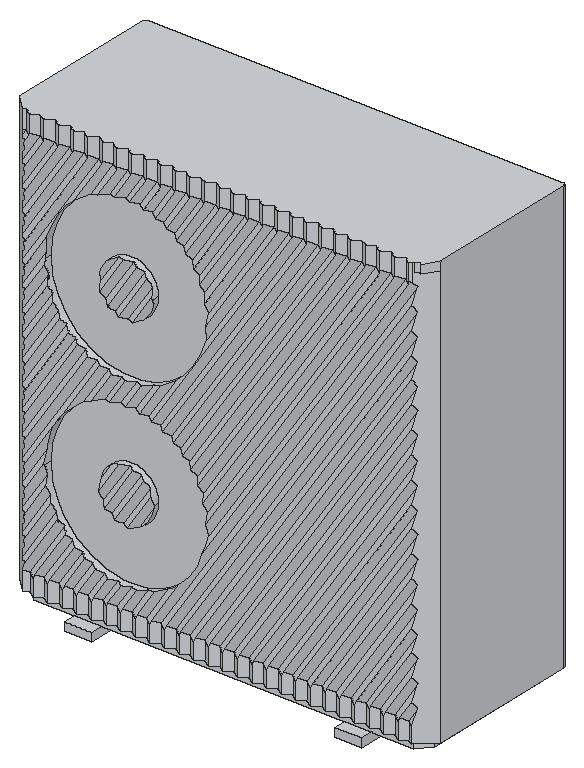
Revit family "HPR17HT", category Mechanical Equipment, Revit 2021
Family settings
  Round Connector Dimension = Use Diameter
  Part Type = Normal
  OmniClass Number = 23.75.00.00
  OmniClass Title = Climate Control (HVAC)
  Work Plane-Based = No
  Always vertical = Yes
  Cut with Voids When Loaded = No
  Shared = No
  Room Calculation Point = No
Parameters
  Width = 515.0 mm
  Water Flow Rate [instance] = 2.9 m³/h
  Refrigerant = "R290"
  Pump Pressure = 73.55 Pa
  Overall Height = 1329.0 mm
  Overal Width = 540.0 mm
  Min Heating Capacity = 8.00 kW
  Maximum Current Input = 32 A
  Max Power Input = 6.9 W
  Max Output Temperature = 75 °C
  Max Heating Capacity = 22.00 kW
  Length = 1247.0 mm
  Default Elevation = 0.0 mm
  Connection Size = 25 mm
  COP 65-55ºC @ 7ºC = 2.25
  COP 65-55ºC @ 2ºC = 1.96
  COP 35-30ºC @ 7ºC = 4.37
  COP 35-30ºC @ 2ºC = 4.07
  Base = 800.0 mm
Reference planes
  plane 1 "Center (Front/Back)": y = 0
  plane 2: z = 0
  plane 3 "Center (Left/Right)": x = 0
  plane 4 "BACK": y = 257.5
  plane 5 "front": y = -257.5
  plane 6 "LEFT": x = -623.5
  plane 7: x = 623.5
  plane 8 "TOP": z = 1329
  plane 9: y = 270
  plane 10: y = -270
  plane 11: x = 400
  plane 12: x = -400
Forms (mm)
  Extrusion 1, solid
    sketch origin (0, 0, 0) x (1, 0, 0) y (0, 1, 0)
      loop
        arc (-613.5, 257.5) -> (-620.571, 254.571) -> (-623.5, 247.5) r 10
        line (-623.5, 247.5) -> (-623.5, -207.5) -> (-573.5, -257.5) -> (573.5, -257.5) -> (623.5, -207.5) -> (623.5, 247.5)
        arc (623.5, 247.5) -> (620.571, 254.571) -> (613.5, 257.5) r 10
        line (613.5, 257.5) -> (-613.5, 257.5)
      loop
        line (-598.5, 232.5) -> (-598.5, -197.145) -> (-563.145, -232.5) -> (563.145, -232.5) -> (598.5, -197.145) -> (598.5, 232.5) -> (-598.5, 232.5)
    from 50 to 1329 <- "Overall Height"
  Sweep 2, void
    path origin (-952.628, -257.5, 0) x (-1, 0, 0) y (0, 0, 1)
      loop
        line (-613.5, 1329) -> (-613.5, 1279) -> (154.5, 110) -> (154.5, 50)
    profile "Family2 : Family2" origin (-339.128, -257.5, 1304) x (-1, 0, 0) y (0, 1, 0)
      loop
        line (0, 0) -> (-21.651, 12.5) -> (-43.301, 0) -> (-43.301, -5) -> (0, -5) -> (0, 0)
  Sweep 3, void
    path origin (-995.929, -257.5, 0) x (-1, 0, 0) y (0, 0, 1)
      loop
        line (-613.5, 1329) -> (-613.5, 1279) -> (154.5, 110) -> (154.5, 50)
    profile "Family2 : Family2" origin (-382.429, -257.5, 1304) x (-1, 0, 0) y (0, 1, 0)
      loop
        line (0, 0) -> (-21.651, 12.5) -> (-43.301, 0) -> (-43.301, -5) -> (0, -5) -> (0, 0)
  Sweep 4, void
    path origin (-1039.23, -257.5, 0) x (-1, 0, 0) y (0, 0, 1)
      loop
        line (-613.5, 1329) -> (-613.5, 1279) -> (154.5, 110) -> (154.5, 50)
    profile "Family2 : Family2" origin (-425.73, -257.5, 1304) x (-1, 0, 0) y (0, 1, 0)
      loop
        line (0, 0) -> (-21.651, 12.5) -> (-43.301, 0) -> (-43.301, -5) -> (0, -5) -> (0, 0)
  Sweep 5, void
    path origin (-1082.532, -257.5, 0) x (-1, 0, 0) y (0, 0, 1)
      loop
        line (-613.5, 1329) -> (-613.5, 1279) -> (154.5, 110) -> (154.5, 50)
    profile "Family2 : Family2" origin (-469.032, -257.5, 1304) x (-1, 0, 0) y (0, 1, 0)
      loop
        line (0, 0) -> (-21.651, 12.5) -> (-43.301, 0) -> (-43.301, -5) -> (0, -5) -> (0, 0)
  Sweep 6, void
    path origin (-1125.833, -257.5, 0) x (-1, 0, 0) y (0, 0, 1)
      loop
        line (-613.5, 1329) -> (-613.5, 1279) -> (154.5, 110) -> (154.5, 50)
    profile "Family2 : Family2" origin (-512.333, -257.5, 1304) x (-1, 0, 0) y (0, 1, 0)
      loop
        line (0, 0) -> (-21.651, 12.5) -> (-43.301, 0) -> (-43.301, -5) -> (0, -5) -> (0, 0)
  Sweep 7, void
    path origin (-1169.134, -257.5, 0) x (-1, 0, 0) y (0, 0, 1)
      loop
        line (-613.5, 1329) -> (-613.5, 1279) -> (154.5, 110) -> (154.5, 50)
    profile "Family2 : Family2" origin (-555.634, -257.5, 1304) x (-1, 0, 0) y (0, 1, 0)
      loop
        line (0, 0) -> (-21.651, 12.5) -> (-43.301, 0) -> (-43.301, -5) -> (0, -5) -> (0, 0)
  Sweep 8, void
    path origin (-1212.436, -257.5, 0) x (-1, 0, 0) y (0, 0, 1)
      loop
        line (-613.5, 1329) -> (-613.5, 1279) -> (154.5, 110) -> (154.5, 50)
    profile "Family2 : Family2" origin (-598.936, -257.5, 1304) x (-1, 0, 0) y (0, 1, 0)
      loop
        line (0, 0) -> (-21.651, 12.5) -> (-43.301, 0) -> (-43.301, -5) -> (0, -5) -> (0, 0)
  Extrusion 9, void
    sketch origin (-623.5, 0, -25) x (0, 1, 0) y (0, 0, 1)
      loop
        line (210.645, 1265.841) -> (189.432, 1287.054)
        arc (189.432, 1287.054) -> (171.754, 1287.054) -> (171.754, 1269.376) r 12.5
        line (171.754, 1269.376) -> (192.967, 1248.163)
        arc (192.967, 1248.163) -> (210.645, 1248.163) -> (210.645, 1265.841) r 12.5
      loop
        line (150.645, 1265.841) -> (129.432, 1287.054)
        arc (129.432, 1287.054) -> (111.754, 1287.054) -> (111.754, 1269.376) r 12.5
        line (111.754, 1269.376) -> (132.967, 1248.163)
        arc (132.967, 1248.163) -> (150.645, 1248.163) -> (150.645, 1265.841) r 12.5
      loop
        line (90.645, 1265.841) -> (69.432, 1287.054)
        arc (69.432, 1287.054) -> (51.754, 1287.054) -> (51.754, 1269.376) r 12.5
        line (51.754, 1269.376) -> (72.967, 1248.163)
        arc (72.967, 1248.163) -> (90.645, 1248.163) -> (90.645, 1265.841) r 12.5
      loop
        line (30.645, 1265.841) -> (9.432, 1287.054)
        arc (9.432, 1287.054) -> (-8.246, 1287.054) -> (-8.246, 1269.376) r 12.5
        line (-8.246, 1269.376) -> (12.967, 1248.163)
        arc (12.967, 1248.163) -> (30.645, 1248.163) -> (30.645, 1265.841) r 12.5
      loop
        line (-29.355, 1265.841) -> (-50.568, 1287.054)
        arc (-50.568, 1287.054) -> (-68.246, 1287.054) -> (-68.246, 1269.376) r 12.5
        line (-68.246, 1269.376) -> (-47.033, 1248.163)
        arc (-47.033, 1248.163) -> (-29.355, 1248.163) -> (-29.355, 1265.841) r 12.5
      loop
        line (-89.355, 1265.841) -> (-110.568, 1287.054)
        arc (-110.568, 1287.054) -> (-128.246, 1287.054) -> (-128.246, 1269.376) r 12.5
        line (-128.246, 1269.376) -> (-107.033, 1248.163)
        arc (-107.033, 1248.163) -> (-89.355, 1248.163) -> (-89.355, 1265.841) r 12.5
      loop
        line (-149.355, 1265.841) -> (-170.568, 1287.054)
        arc (-170.568, 1287.054) -> (-188.246, 1287.054) -> (-188.246, 1269.376) r 12.5
        line (-188.246, 1269.376) -> (-167.033, 1248.163)
        arc (-167.033, 1248.163) -> (-149.355, 1248.163) -> (-149.355, 1265.841) r 12.5
      loop
        line (210.645, 1208.341) -> (189.432, 1229.554)
        arc (189.432, 1229.554) -> (171.754, 1229.554) -> (171.754, 1211.876) r 12.5
        line (171.754, 1211.876) -> (192.967, 1190.663)
        arc (192.967, 1190.663) -> (210.645, 1190.663) -> (210.645, 1208.341) r 12.5
      loop
        line (150.645, 1208.341) -> (129.432, 1229.554)
        arc (129.432, 1229.554) -> (111.754, 1229.554) -> (111.754, 1211.876) r 12.5
        line (111.754, 1211.876) -> (132.967, 1190.663)
        arc (132.967, 1190.663) -> (150.645, 1190.663) -> (150.645, 1208.341) r 12.5
      loop
        line (90.645, 1208.341) -> (69.432, 1229.554)
        arc (69.432, 1229.554) -> (51.754, 1229.554) -> (51.754, 1211.876) r 12.5
        line (51.754, 1211.876) -> (72.967, 1190.663)
        arc (72.967, 1190.663) -> (90.645, 1190.663) -> (90.645, 1208.341) r 12.5
      loop
        line (30.645, 1208.341) -> (9.432, 1229.554)
        arc (9.432, 1229.554) -> (-8.246, 1229.554) -> (-8.246, 1211.876) r 12.5
        line (-8.246, 1211.876) -> (12.967, 1190.663)
        arc (12.967, 1190.663) -> (30.645, 1190.663) -> (30.645, 1208.341) r 12.5
      loop
        line (-29.355, 1208.341) -> (-50.568, 1229.554)
        arc (-50.568, 1229.554) -> (-68.246, 1229.554) -> (-68.246, 1211.876) r 12.5
        line (-68.246, 1211.876) -> (-47.033, 1190.663)
        arc (-47.033, 1190.663) -> (-29.355, 1190.663) -> (-29.355, 1208.341) r 12.5
      loop
        line (-89.355, 1208.341) -> (-110.568, 1229.554)
        arc (-110.568, 1229.554) -> (-128.246, 1229.554) -> (-128.246, 1211.876) r 12.5
        line (-128.246, 1211.876) -> (-107.033, 1190.663)
        arc (-107.033, 1190.663) -> (-89.355, 1190.663) -> (-89.355, 1208.341) r 12.5
      loop
        line (-149.355, 1208.341) -> (-170.568, 1229.554)
        arc (-170.568, 1229.554) -> (-188.246, 1229.554) -> (-188.246, 1211.876) r 12.5
        line (-188.246, 1211.876) -> (-167.033, 1190.663)
        arc (-167.033, 1190.663) -> (-149.355, 1190.663) -> (-149.355, 1208.341) r 12.5
      loop
        line (210.645, 1150.841) -> (189.432, 1172.054)
        arc (189.432, 1172.054) -> (171.754, 1172.054) -> (171.754, 1154.376) r 12.5
        line (171.754, 1154.376) -> (192.967, 1133.163)
        arc (192.967, 1133.163) -> (210.645, 1133.163) -> (210.645, 1150.841) r 12.5
      loop
        line (150.645, 1150.841) -> (129.432, 1172.054)
        arc (129.432, 1172.054) -> (111.754, 1172.054) -> (111.754, 1154.376) r 12.5
        line (111.754, 1154.376) -> (132.967, 1133.163)
        arc (132.967, 1133.163) -> (150.645, 1133.163) -> (150.645, 1150.841) r 12.5
      loop
        line (90.645, 1150.841) -> (69.432, 1172.054)
        arc (69.432, 1172.054) -> (51.754, 1172.054) -> (51.754, 1154.376) r 12.5
        line (51.754, 1154.376) -> (72.967, 1133.163)
        arc (72.967, 1133.163) -> (90.645, 1133.163) -> (90.645, 1150.841) r 12.5
      loop
        line (30.645, 1150.841) -> (9.432, 1172.054)
        arc (9.432, 1172.054) -> (-8.246, 1172.054) -> (-8.246, 1154.376) r 12.5
        line (-8.246, 1154.376) -> (12.967, 1133.163)
        arc (12.967, 1133.163) -> (30.645, 1133.163) -> (30.645, 1150.841) r 12.5
      loop
        line (-29.355, 1150.841) -> (-50.568, 1172.054)
        arc (-50.568, 1172.054) -> (-68.246, 1172.054) -> (-68.246, 1154.376) r 12.5
        line (-68.246, 1154.376) -> (-47.033, 1133.163)
        arc (-47.033, 1133.163) -> (-29.355, 1133.163) -> (-29.355, 1150.841) r 12.5
      loop
        line (-89.355, 1150.841) -> (-110.568, 1172.054)
        arc (-110.568, 1172.054) -> (-128.246, 1172.054) -> (-128.246, 1154.376) r 12.5
        line (-128.246, 1154.376) -> (-107.033, 1133.163)
        arc (-107.033, 1133.163) -> (-89.355, 1133.163) -> (-89.355, 1150.841) r 12.5
      loop
        line (-149.355, 1150.841) -> (-170.568, 1172.054)
        arc (-170.568, 1172.054) -> (-188.246, 1172.054) -> (-188.246, 1154.376) r 12.5
        line (-188.246, 1154.376) -> (-167.033, 1133.163)
        arc (-167.033, 1133.163) -> (-149.355, 1133.163) -> (-149.355, 1150.841) r 12.5
      loop
        line (210.645, 1093.341) -> (189.432, 1114.554)
        arc (189.432, 1114.554) -> (171.754, 1114.554) -> (171.754, 1096.876) r 12.5
        line (171.754, 1096.876) -> (192.967, 1075.663)
        arc (192.967, 1075.663) -> (210.645, 1075.663) -> (210.645, 1093.341) r 12.5
      loop
        line (150.645, 1093.341) -> (129.432, 1114.554)
        arc (129.432, 1114.554) -> (111.754, 1114.554) -> (111.754, 1096.876) r 12.5
        line (111.754, 1096.876) -> (132.967, 1075.663)
        arc (132.967, 1075.663) -> (150.645, 1075.663) -> (150.645, 1093.341) r 12.5
      loop
        line (90.645, 1093.341) -> (69.432, 1114.554)
        arc (69.432, 1114.554) -> (51.754, 1114.554) -> (51.754, 1096.876) r 12.5
        line (51.754, 1096.876) -> (72.967, 1075.663)
        arc (72.967, 1075.663) -> (90.645, 1075.663) -> (90.645, 1093.341) r 12.5
      loop
        line (30.645, 1093.341) -> (9.432, 1114.554)
        arc (9.432, 1114.554) -> (-8.246, 1114.554) -> (-8.246, 1096.876) r 12.5
        line (-8.246, 1096.876) -> (12.967, 1075.663)
        arc (12.967, 1075.663) -> (30.645, 1075.663) -> (30.645, 1093.341) r 12.5
      loop
        line (-29.355, 1093.341) -> (-50.568, 1114.554)
        arc (-50.568, 1114.554) -> (-68.246, 1114.554) -> (-68.246, 1096.876) r 12.5
        line (-68.246, 1096.876) -> (-47.033, 1075.663)
        arc (-47.033, 1075.663) -> (-29.355, 1075.663) -> (-29.355, 1093.341) r 12.5
      loop
        line (-89.355, 1093.341) -> (-110.568, 1114.554)
        arc (-110.568, 1114.554) -> (-128.246, 1114.554) -> (-128.246, 1096.876) r 12.5
        line (-128.246, 1096.876) -> (-107.033, 1075.663)
        arc (-107.033, 1075.663) -> (-89.355, 1075.663) -> (-89.355, 1093.341) r 12.5
      loop
        line (-149.355, 1093.341) -> (-170.568, 1114.554)
        arc (-170.568, 1114.554) -> (-188.246, 1114.554) -> (-188.246, 1096.876) r 12.5
        line (-188.246, 1096.876) -> (-167.033, 1075.663)
        arc (-167.033, 1075.663) -> (-149.355, 1075.663) -> (-149.355, 1093.341) r 12.5
      loop
        line (210.645, 1035.841) -> (189.432, 1057.054)
        arc (189.432, 1057.054) -> (171.754, 1057.054) -> (171.754, 1039.376) r 12.5
        line (171.754, 1039.376) -> (192.967, 1018.163)
        arc (192.967, 1018.163) -> (210.645, 1018.163) -> (210.645, 1035.841) r 12.5
      loop
        line (150.645, 1035.841) -> (129.432, 1057.054)
        arc (129.432, 1057.054) -> (111.754, 1057.054) -> (111.754, 1039.376) r 12.5
        line (111.754, 1039.376) -> (132.967, 1018.163)
        arc (132.967, 1018.163) -> (150.645, 1018.163) -> (150.645, 1035.841) r 12.5
      loop
        line (90.645, 1035.841) -> (69.432, 1057.054)
        arc (69.432, 1057.054) -> (51.754, 1057.054) -> (51.754, 1039.376) r 12.5
        line (51.754, 1039.376) -> (72.967, 1018.163)
        arc (72.967, 1018.163) -> (90.645, 1018.163) -> (90.645, 1035.841) r 12.5
      loop
        line (30.645, 1035.841) -> (9.432, 1057.054)
        arc (9.432, 1057.054) -> (-8.246, 1057.054) -> (-8.246, 1039.376) r 12.5
        line (-8.246, 1039.376) -> (12.967, 1018.163)
        arc (12.967, 1018.163) -> (30.645, 1018.163) -> (30.645, 1035.841) r 12.5
      loop
        line (-29.355, 1035.841) -> (-50.568, 1057.054)
        arc (-50.568, 1057.054) -> (-68.246, 1057.054) -> (-68.246, 1039.376) r 12.5
        line (-68.246, 1039.376) -> (-47.033, 1018.163)
        arc (-47.033, 1018.163) -> (-29.355, 1018.163) -> (-29.355, 1035.841) r 12.5
      loop
        line (-89.355, 1035.841) -> (-110.568, 1057.054)
        arc (-110.568, 1057.054) -> (-128.246, 1057.054) -> (-128.246, 1039.376) r 12.5
        line (-128.246, 1039.376) -> (-107.033, 1018.163)
        arc (-107.033, 1018.163) -> (-89.355, 1018.163) -> (-89.355, 1035.841) r 12.5
      loop
        line (-149.355, 1035.841) -> (-170.568, 1057.054)
        arc (-170.568, 1057.054) -> (-188.246, 1057.054) -> (-188.246, 1039.376) r 12.5
        line (-188.246, 1039.376) -> (-167.033, 1018.163)
        arc (-167.033, 1018.163) -> (-149.355, 1018.163) -> (-149.355, 1035.841) r 12.5
      loop
        line (210.645, 978.341) -> (189.432, 999.554)
        arc (189.432, 999.554) -> (171.754, 999.554) -> (171.754, 981.876) r 12.5
        line (171.754, 981.876) -> (192.967, 960.663)
        arc (192.967, 960.663) -> (210.645, 960.663) -> (210.645, 978.341) r 12.5
      loop
        line (150.645, 978.341) -> (129.432, 999.554)
        arc (129.432, 999.554) -> (111.754, 999.554) -> (111.754, 981.876) r 12.5
        line (111.754, 981.876) -> (132.967, 960.663)
        arc (132.967, 960.663) -> (150.645, 960.663) -> (150.645, 978.341) r 12.5
      loop
        line (90.645, 978.341) -> (69.432, 999.554)
        arc (69.432, 999.554) -> (51.754, 999.554) -> (51.754, 981.876) r 12.5
        line (51.754, 981.876) -> (72.967, 960.663)
        arc (72.967, 960.663) -> (90.645, 960.663) -> (90.645, 978.341) r 12.5
      loop
        line (30.645, 978.341) -> (9.432, 999.554)
        arc (9.432, 999.554) -> (-8.246, 999.554) -> (-8.246, 981.876) r 12.5
        line (-8.246, 981.876) -> (12.967, 960.663)
        arc (12.967, 960.663) -> (30.645, 960.663) -> (30.645, 978.341) r 12.5
      loop
        line (-29.355, 978.341) -> (-50.568, 999.554)
        arc (-50.568, 999.554) -> (-68.246, 999.554) -> (-68.246, 981.876) r 12.5
        line (-68.246, 981.876) -> (-47.033, 960.663)
        arc (-47.033, 960.663) -> (-29.355, 960.663) -> (-29.355, 978.341) r 12.5
      loop
        line (-89.355, 978.341) -> (-110.568, 999.554)
        arc (-110.568, 999.554) -> (-128.246, 999.554) -> (-128.246, 981.876) r 12.5
        line (-128.246, 981.876) -> (-107.033, 960.663)
        arc (-107.033, 960.663) -> (-89.355, 960.663) -> (-89.355, 978.341) r 12.5
      loop
        line (-149.355, 978.341) -> (-170.568, 999.554)
        arc (-170.568, 999.554) -> (-188.246, 999.554) -> (-188.246, 981.876) r 12.5
        line (-188.246, 981.876) -> (-167.033, 960.663)
        arc (-167.033, 960.663) -> (-149.355, 960.663) -> (-149.355, 978.341) r 12.5
      loop
        line (210.645, 920.841) -> (189.432, 942.054)
        arc (189.432, 942.054) -> (171.754, 942.054) -> (171.754, 924.376) r 12.5
        line (171.754, 924.376) -> (192.967, 903.163)
        arc (192.967, 903.163) -> (210.645, 903.163) -> (210.645, 920.841) r 12.5
      loop
        line (150.645, 920.841) -> (129.432, 942.054)
        arc (129.432, 942.054) -> (111.754, 942.054) -> (111.754, 924.376) r 12.5
        line (111.754, 924.376) -> (132.967, 903.163)
        arc (132.967, 903.163) -> (150.645, 903.163) -> (150.645, 920.841) r 12.5
      loop
        line (90.645, 920.841) -> (69.432, 942.054)
        arc (69.432, 942.054) -> (51.754, 942.054) -> (51.754, 924.376) r 12.5
        line (51.754, 924.376) -> (72.967, 903.163)
        arc (72.967, 903.163) -> (90.645, 903.163) -> (90.645, 920.841) r 12.5
      loop
        line (30.645, 920.841) -> (9.432, 942.054)
        arc (9.432, 942.054) -> (-8.246, 942.054) -> (-8.246, 924.376) r 12.5
        line (-8.246, 924.376) -> (12.967, 903.163)
        arc (12.967, 903.163) -> (30.645, 903.163) -> (30.645, 920.841) r 12.5
      loop
        line (-29.355, 920.841) -> (-50.568, 942.054)
        arc (-50.568, 942.054) -> (-68.246, 942.054) -> (-68.246, 924.376) r 12.5
        line (-68.246, 924.376) -> (-47.033, 903.163)
        arc (-47.033, 903.163) -> (-29.355, 903.163) -> (-29.355, 920.841) r 12.5
      loop
        line (-89.355, 920.841) -> (-110.568, 942.054)
        arc (-110.568, 942.054) -> (-128.246, 942.054) -> (-128.246, 924.376) r 12.5
        line (-128.246, 924.376) -> (-107.033, 903.163)
        arc (-107.033, 903.163) -> (-89.355, 903.163) -> (-89.355, 920.841) r 12.5
      loop
        line (-149.355, 920.841) -> (-170.568, 942.054)
        arc (-170.568, 942.054) -> (-188.246, 942.054) -> (-188.246, 924.376) r 12.5
        line (-188.246, 924.376) -> (-167.033, 903.163)
        arc (-167.033, 903.163) -> (-149.355, 903.163) -> (-149.355, 920.841) r 12.5
      loop
        line (210.645, 863.341) -> (189.432, 884.554)
        arc (189.432, 884.554) -> (171.754, 884.554) -> (171.754, 866.876) r 12.5
        line (171.754, 866.876) -> (192.967, 845.663)
        arc (192.967, 845.663) -> (210.645, 845.663) -> (210.645, 863.341) r 12.5
      loop
        line (150.645, 863.341) -> (129.432, 884.554)
        arc (129.432, 884.554) -> (111.754, 884.554) -> (111.754, 866.876) r 12.5
        line (111.754, 866.876) -> (132.967, 845.663)
        arc (132.967, 845.663) -> (150.645, 845.663) -> (150.645, 863.341) r 12.5
      loop
        line (90.645, 863.341) -> (69.432, 884.554)
        arc (69.432, 884.554) -> (51.754, 884.554) -> (51.754, 866.876) r 12.5
        line (51.754, 866.876) -> (72.967, 845.663)
        arc (72.967, 845.663) -> (90.645, 845.663) -> (90.645, 863.341) r 12.5
      loop
        line (30.645, 863.341) -> (9.432, 884.554)
        arc (9.432, 884.554) -> (-8.246, 884.554) -> (-8.246, 866.876) r 12.5
        line (-8.246, 866.876) -> (12.967, 845.663)
        arc (12.967, 845.663) -> (30.645, 845.663) -> (30.645, 863.341) r 12.5
      loop
        line (-29.355, 863.341) -> (-50.568, 884.554)
        arc (-50.568, 884.554) -> (-68.246, 884.554) -> (-68.246, 866.876) r 12.5
        line (-68.246, 866.876) -> (-47.033, 845.663)
        arc (-47.033, 845.663) -> (-29.355, 845.663) -> (-29.355, 863.341) r 12.5
      loop
        line (-89.355, 863.341) -> (-110.568, 884.554)
        arc (-110.568, 884.554) -> (-128.246, 884.554) -> (-128.246, 866.876) r 12.5
        line (-128.246, 866.876) -> (-107.033, 845.663)
        arc (-107.033, 845.663) -> (-89.355, 845.663) -> (-89.355, 863.341) r 12.5
      loop
        line (-149.355, 863.341) -> (-170.568, 884.554)
        arc (-170.568, 884.554) -> (-188.246, 884.554) -> (-188.246, 866.876) r 12.5
        line (-188.246, 866.876) -> (-167.033, 845.663)
        arc (-167.033, 845.663) -> (-149.355, 845.663) -> (-149.355, 863.341) r 12.5
      loop
        line (210.645, 805.841) -> (189.432, 827.054)
        arc (189.432, 827.054) -> (171.754, 827.054) -> (171.754, 809.376) r 12.5
        line (171.754, 809.376) -> (192.967, 788.163)
        arc (192.967, 788.163) -> (210.645, 788.163) -> (210.645, 805.841) r 12.5
      loop
        line (150.645, 805.841) -> (129.432, 827.054)
        arc (129.432, 827.054) -> (111.754, 827.054) -> (111.754, 809.376) r 12.5
        line (111.754, 809.376) -> (132.967, 788.163)
        arc (132.967, 788.163) -> (150.645, 788.163) -> (150.645, 805.841) r 12.5
      loop
        line (90.645, 805.841) -> (69.432, 827.054)
        arc (69.432, 827.054) -> (51.754, 827.054) -> (51.754, 809.376) r 12.5
        line (51.754, 809.376) -> (72.967, 788.163)
        arc (72.967, 788.163) -> (90.645, 788.163) -> (90.645, 805.841) r 12.5
      loop
        line (30.645, 805.841) -> (9.432, 827.054)
        arc (9.432, 827.054) -> (-8.246, 827.054) -> (-8.246, 809.376) r 12.5
        line (-8.246, 809.376) -> (12.967, 788.163)
        arc (12.967, 788.163) -> (30.645, 788.163) -> (30.645, 805.841) r 12.5
      loop
        line (-29.355, 805.841) -> (-50.568, 827.054)
        arc (-50.568, 827.054) -> (-68.246, 827.054) -> (-68.246, 809.376) r 12.5
        line (-68.246, 809.376) -> (-47.033, 788.163)
        arc (-47.033, 788.163) -> (-29.355, 788.163) -> (-29.355, 805.841) r 12.5
      loop
        line (-89.355, 805.841) -> (-110.568, 827.054)
        arc (-110.568, 827.054) -> (-128.246, 827.054) -> (-128.246, 809.376) r 12.5
        line (-128.246, 809.376) -> (-107.033, 788.163)
        arc (-107.033, 788.163) -> (-89.355, 788.163) -> (-89.355, 805.841) r 12.5
      loop
        line (-149.355, 805.841) -> (-170.568, 827.054)
        arc (-170.568, 827.054) -> (-188.246, 827.054) -> (-188.246, 809.376) r 12.5
        line (-188.246, 809.376) -> (-167.033, 788.163)
        arc (-167.033, 788.163) -> (-149.355, 788.163) -> (-149.355, 805.841) r 12.5
      loop
        line (210.645, 748.341) -> (189.432, 769.554)
        arc (189.432, 769.554) -> (171.754, 769.554) -> (171.754, 751.876) r 12.5
        line (171.754, 751.876) -> (192.967, 730.663)
        arc (192.967, 730.663) -> (210.645, 730.663) -> (210.645, 748.341) r 12.5
      loop
        line (150.645, 748.341) -> (129.432, 769.554)
        arc (129.432, 769.554) -> (111.754, 769.554) -> (111.754, 751.876) r 12.5
        line (111.754, 751.876) -> (132.967, 730.663)
        arc (132.967, 730.663) -> (150.645, 730.663) -> (150.645, 748.341) r 12.5
      loop
        line (90.645, 748.341) -> (69.432, 769.554)
        arc (69.432, 769.554) -> (51.754, 769.554) -> (51.754, 751.876) r 12.5
        line (51.754, 751.876) -> (72.967, 730.663)
        arc (72.967, 730.663) -> (90.645, 730.663) -> (90.645, 748.341) r 12.5
      loop
        line (30.645, 748.341) -> (9.432, 769.554)
        arc (9.432, 769.554) -> (-8.246, 769.554) -> (-8.246, 751.876) r 12.5
        line (-8.246, 751.876) -> (12.967, 730.663)
        arc (12.967, 730.663) -> (30.645, 730.663) -> (30.645, 748.341) r 12.5
      loop
        line (-29.355, 748.341) -> (-50.568, 769.554)
        arc (-50.568, 769.554) -> (-68.246, 769.554) -> (-68.246, 751.876) r 12.5
        line (-68.246, 751.876) -> (-47.033, 730.663)
        arc (-47.033, 730.663) -> (-29.355, 730.663) -> (-29.355, 748.341) r 12.5
      loop
        line (-89.355, 748.341) -> (-110.568, 769.554)
        arc (-110.568, 769.554) -> (-128.246, 769.554) -> (-128.246, 751.876) r 12.5
        line (-128.246, 751.876) -> (-107.033, 730.663)
        arc (-107.033, 730.663) -> (-89.355, 730.663) -> (-89.355, 748.341) r 12.5
      loop
        line (-149.355, 748.341) -> (-170.568, 769.554)
        arc (-170.568, 769.554) -> (-188.246, 769.554) -> (-188.246, 751.876) r 12.5
        line (-188.246, 751.876) -> (-167.033, 730.663)
        arc (-167.033, 730.663) -> (-149.355, 730.663) -> (-149.355, 748.341) r 12.5
      loop
        line (210.645, 690.841) -> (189.432, 712.054)
        arc (189.432, 712.054) -> (171.754, 712.054) -> (171.754, 694.376) r 12.5
        line (171.754, 694.376) -> (192.967, 673.163)
        arc (192.967, 673.163) -> (210.645, 673.163) -> (210.645, 690.841) r 12.5
      loop
        line (150.645, 690.841) -> (129.432, 712.054)
        arc (129.432, 712.054) -> (111.754, 712.054) -> (111.754, 694.376) r 12.5
        line (111.754, 694.376) -> (132.967, 673.163)
        arc (132.967, 673.163) -> (150.645, 673.163) -> (150.645, 690.841) r 12.5
      loop
        line (90.645, 690.841) -> (69.432, 712.054)
        arc (69.432, 712.054) -> (51.754, 712.054) -> (51.754, 694.376) r 12.5
        line (51.754, 694.376) -> (72.967, 673.163)
        arc (72.967, 673.163) -> (90.645, 673.163) -> (90.645, 690.841) r 12.5
      loop
        line (30.645, 690.841) -> (9.432, 712.054)
        arc (9.432, 712.054) -> (-8.246, 712.054) -> (-8.246, 694.376) r 12.5
        line (-8.246, 694.376) -> (12.967, 673.163)
        arc (12.967, 673.163) -> (30.645, 673.163) -> (30.645, 690.841) r 12.5
      loop
        line (-29.355, 690.841) -> (-50.568, 712.054)
        arc (-50.568, 712.054) -> (-68.246, 712.054) -> (-68.246, 694.376) r 12.5
        line (-68.246, 694.376) -> (-47.033, 673.163)
        arc (-47.033, 673.163) -> (-29.355, 673.163) -> (-29.355, 690.841) r 12.5
      loop
        line (-89.355, 690.841) -> (-110.568, 712.054)
        arc (-110.568, 712.054) -> (-128.246, 712.054) -> (-128.246, 694.376) r 12.5
        line (-128.246, 694.376) -> (-107.033, 673.163)
        arc (-107.033, 673.163) -> (-89.355, 673.163) -> (-89.355, 690.841) r 12.5
      loop
        line (-149.355, 690.841) -> (-170.568, 712.054)
        arc (-170.568, 712.054) -> (-188.246, 712.054) -> (-188.246, 694.376) r 12.5
        line (-188.246, 694.376) -> (-167.033, 673.163)
        arc (-167.033, 673.163) -> (-149.355, 673.163) -> (-149.355, 690.841) r 12.5
      loop
        line (210.645, 633.341) -> (189.432, 654.554)
        arc (189.432, 654.554) -> (171.754, 654.554) -> (171.754, 636.876) r 12.5
        line (171.754, 636.876) -> (192.967, 615.663)
        arc (192.967, 615.663) -> (210.645, 615.663) -> (210.645, 633.341) r 12.5
      loop
        line (150.645, 633.341) -> (129.432, 654.554)
        arc (129.432, 654.554) -> (111.754, 654.554) -> (111.754, 636.876) r 12.5
        line (111.754, 636.876) -> (132.967, 615.663)
        arc (132.967, 615.663) -> (150.645, 615.663) -> (150.645, 633.341) r 12.5
      loop
        line (90.645, 633.341) -> (69.432, 654.554)
        arc (69.432, 654.554) -> (51.754, 654.554) -> (51.754, 636.876) r 12.5
        line (51.754, 636.876) -> (72.967, 615.663)
        arc (72.967, 615.663) -> (90.645, 615.663) -> (90.645, 633.341) r 12.5
      loop
        line (30.645, 633.341) -> (9.432, 654.554)
        arc (9.432, 654.554) -> (-8.246, 654.554) -> (-8.246, 636.876) r 12.5
        line (-8.246, 636.876) -> (12.967, 615.663)
        arc (12.967, 615.663) -> (30.645, 615.663) -> (30.645, 633.341) r 12.5
      loop
        line (-29.355, 633.341) -> (-50.568, 654.554)
        arc (-50.568, 654.554) -> (-68.246, 654.554) -> (-68.246, 636.876) r 12.5
        line (-68.246, 636.876) -> (-47.033, 615.663)
        arc (-47.033, 615.663) -> (-29.355, 615.663) -> (-29.355, 633.341) r 12.5
      loop
        line (-89.355, 633.341) -> (-110.568, 654.554)
        arc (-110.568, 654.554) -> (-128.246, 654.554) -> (-128.246, 636.876) r 12.5
        line (-128.246, 636.876) -> (-107.033, 615.663)
        arc (-107.033, 615.663) -> (-89.355, 615.663) -> (-89.355, 633.341) r 12.5
      loop
        line (-149.355, 633.341) -> (-170.568, 654.554)
        arc (-170.568, 654.554) -> (-188.246, 654.554) -> (-188.246, 636.876) r 12.5
        line (-188.246, 636.876) -> (-167.033, 615.663)
        arc (-167.033, 615.663) -> (-149.355, 615.663) -> (-149.355, 633.341) r 12.5
      loop
        line (210.645, 575.841) -> (189.432, 597.054)
        arc (189.432, 597.054) -> (171.754, 597.054) -> (171.754, 579.376) r 12.5
        line (171.754, 579.376) -> (192.967, 558.163)
        arc (192.967, 558.163) -> (210.645, 558.163) -> (210.645, 575.841) r 12.5
      loop
        line (150.645, 575.841) -> (129.432, 597.054)
        arc (129.432, 597.054) -> (111.754, 597.054) -> (111.754, 579.376) r 12.5
        line (111.754, 579.376) -> (132.967, 558.163)
        arc (132.967, 558.163) -> (150.645, 558.163) -> (150.645, 575.841) r 12.5
      loop
        line (90.645, 575.841) -> (69.432, 597.054)
        arc (69.432, 597.054) -> (51.754, 597.054) -> (51.754, 579.376) r 12.5
        line (51.754, 579.376) -> (72.967, 558.163)
        arc (72.967, 558.163) -> (90.645, 558.163) -> (90.645, 575.841) r 12.5
      loop
        line (30.645, 575.841) -> (9.432, 597.054)
        arc (9.432, 597.054) -> (-8.246, 597.054) -> (-8.246, 579.376) r 12.5
        line (-8.246, 579.376) -> (12.967, 558.163)
        arc (12.967, 558.163) -> (30.645, 558.163) -> (30.645, 575.841) r 12.5
      loop
        line (-29.355, 575.841) -> (-50.568, 597.054)
        arc (-50.568, 597.054) -> (-68.246, 597.054) -> (-68.246, 579.376) r 12.5
        line (-68.246, 579.376) -> (-47.033, 558.163)
        arc (-47.033, 558.163) -> (-29.355, 558.163) -> (-29.355, 575.841) r 12.5
      loop
        line (-89.355, 575.841) -> (-110.568, 597.054)
        arc (-110.568, 597.054) -> (-128.246, 597.054) -> (-128.246, 579.376) r 12.5
        line (-128.246, 579.376) -> (-107.033, 558.163)
        arc (-107.033, 558.163) -> (-89.355, 558.163) -> (-89.355, 575.841) r 12.5
      loop
        line (-149.355, 575.841) -> (-170.568, 597.054)
        arc (-170.568, 597.054) -> (-188.246, 597.054) -> (-188.246, 579.376) r 12.5
        line (-188.246, 579.376) -> (-167.033, 558.163)
        arc (-167.033, 558.163) -> (-149.355, 558.163) -> (-149.355, 575.841) r 12.5
      loop
        line (210.645, 518.341) -> (189.432, 539.554)
        arc (189.432, 539.554) -> (171.754, 539.554) -> (171.754, 521.876) r 12.5
        line (171.754, 521.876) -> (192.967, 500.663)
        arc (192.967, 500.663) -> (210.645, 500.663) -> (210.645, 518.341) r 12.5
      loop
        line (150.645, 518.341) -> (129.432, 539.554)
        arc (129.432, 539.554) -> (111.754, 539.554) -> (111.754, 521.876) r 12.5
        line (111.754, 521.876) -> (132.967, 500.663)
        arc (132.967, 500.663) -> (150.645, 500.663) -> (150.645, 518.341) r 12.5
      loop
        line (90.645, 518.341) -> (69.432, 539.554)
        arc (69.432, 539.554) -> (51.754, 539.554) -> (51.754, 521.876) r 12.5
        line (51.754, 521.876) -> (72.967, 500.663)
        arc (72.967, 500.663) -> (90.645, 500.663) -> (90.645, 518.341) r 12.5
      loop
        line (30.645, 518.341) -> (9.432, 539.554)
        arc (9.432, 539.554) -> (-8.246, 539.554) -> (-8.246, 521.876) r 12.5
        line (-8.246, 521.876) -> (12.967, 500.663)
        arc (12.967, 500.663) -> (30.645, 500.663) -> (30.645, 518.341) r 12.5
      loop
        line (-29.355, 518.341) -> (-50.568, 539.554)
        arc (-50.568, 539.554) -> (-68.246, 539.554) -> (-68.246, 521.876) r 12.5
        line (-68.246, 521.876) -> (-47.033, 500.663)
        arc (-47.033, 500.663) -> (-29.355, 500.663) -> (-29.355, 518.341) r 12.5
      loop
        line (-89.355, 518.341) -> (-110.568, 539.554)
        arc (-110.568, 539.554) -> (-128.246, 539.554) -> (-128.246, 521.876) r 12.5
        line (-128.246, 521.876) -> (-107.033, 500.663)
        arc (-107.033, 500.663) -> (-89.355, 500.663) -> (-89.355, 518.341) r 12.5
      loop
        line (-149.355, 518.341) -> (-170.568, 539.554)
        arc (-170.568, 539.554) -> (-188.246, 539.554) -> (-188.246, 521.876) r 12.5
        line (-188.246, 521.876) -> (-167.033, 500.663)
        arc (-167.033, 500.663) -> (-149.355, 500.663) -> (-149.355, 518.341) r 12.5
      loop
        line (210.645, 460.841) -> (189.432, 482.054)
        arc (189.432, 482.054) -> (171.754, 482.054) -> (171.754, 464.376) r 12.5
        line (171.754, 464.376) -> (192.967, 443.163)
        arc (192.967, 443.163) -> (210.645, 443.163) -> (210.645, 460.841) r 12.5
      loop
        line (150.645, 460.841) -> (129.432, 482.054)
        arc (129.432, 482.054) -> (111.754, 482.054) -> (111.754, 464.376) r 12.5
        line (111.754, 464.376) -> (132.967, 443.163)
        arc (132.967, 443.163) -> (150.645, 443.163) -> (150.645, 460.841) r 12.5
      loop
        line (90.645, 460.841) -> (69.432, 482.054)
        arc (69.432, 482.054) -> (51.754, 482.054) -> (51.754, 464.376) r 12.5
        line (51.754, 464.376) -> (72.967, 443.163)
        arc (72.967, 443.163) -> (90.645, 443.163) -> (90.645, 460.841) r 12.5
      loop
        line (30.645, 460.841) -> (9.432, 482.054)
        arc (9.432, 482.054) -> (-8.246, 482.054) -> (-8.246, 464.376) r 12.5
        line (-8.246, 464.376) -> (12.967, 443.163)
        arc (12.967, 443.163) -> (30.645, 443.163) -> (30.645, 460.841) r 12.5
      loop
        line (-29.355, 460.841) -> (-50.568, 482.054)
        arc (-50.568, 482.054) -> (-68.246, 482.054) -> (-68.246, 464.376) r 12.5
        line (-68.246, 464.376) -> (-47.033, 443.163)
        arc (-47.033, 443.163) -> (-29.355, 443.163) -> (-29.355, 460.841) r 12.5
      loop
        line (-89.355, 460.841) -> (-110.568, 482.054)
        arc (-110.568, 482.054) -> (-128.246, 482.054) -> (-128.246, 464.376) r 12.5
        line (-128.246, 464.376) -> (-107.033, 443.163)
        arc (-107.033, 443.163) -> (-89.355, 443.163) -> (-89.355, 460.841) r 12.5
      loop
        line (-149.355, 460.841) -> (-170.568, 482.054)
        arc (-170.568, 482.054) -> (-188.246, 482.054) -> (-188.246, 464.376) r 12.5
        line (-188.246, 464.376) -> (-167.033, 443.163)
        arc (-167.033, 443.163) -> (-149.355, 443.163) -> (-149.355, 460.841) r 12.5
      loop
        line (210.645, 403.341) -> (189.432, 424.554)
        arc (189.432, 424.554) -> (171.754, 424.554) -> (171.754, 406.876) r 12.5
        line (171.754, 406.876) -> (192.967, 385.663)
        arc (192.967, 385.663) -> (210.645, 385.663) -> (210.645, 403.341) r 12.5
      loop
        line (150.645, 403.341) -> (129.432, 424.554)
        arc (129.432, 424.554) -> (111.754, 424.554) -> (111.754, 406.876) r 12.5
        line (111.754, 406.876) -> (132.967, 385.663)
        arc (132.967, 385.663) -> (150.645, 385.663) -> (150.645, 403.341) r 12.5
      loop
        line (90.645, 403.341) -> (69.432, 424.554)
        arc (69.432, 424.554) -> (51.754, 424.554) -> (51.754, 406.876) r 12.5
        line (51.754, 406.876) -> (72.967, 385.663)
        arc (72.967, 385.663) -> (90.645, 385.663) -> (90.645, 403.341) r 12.5
      loop
        line (30.645, 403.341) -> (9.432, 424.554)
        arc (9.432, 424.554) -> (-8.246, 424.554) -> (-8.246, 406.876) r 12.5
        line (-8.246, 406.876) -> (12.967, 385.663)
        arc (12.967, 385.663) -> (30.645, 385.663) -> (30.645, 403.341) r 12.5
      loop
        line (-29.355, 403.341) -> (-50.568, 424.554)
        arc (-50.568, 424.554) -> (-68.246, 424.554) -> (-68.246, 406.876) r 12.5
        line (-68.246, 406.876) -> (-47.033, 385.663)
        arc (-47.033, 385.663) -> (-29.355, 385.663) -> (-29.355, 403.341) r 12.5
      loop
        line (-89.355, 403.341) -> (-110.568, 424.554)
        arc (-110.568, 424.554) -> (-128.246, 424.554) -> (-128.246, 406.876) r 12.5
        line (-128.246, 406.876) -> (-107.033, 385.663)
        arc (-107.033, 385.663) -> (-89.355, 385.663) -> (-89.355, 403.341) r 12.5
      loop
        line (-149.355, 403.341) -> (-170.568, 424.554)
        arc (-170.568, 424.554) -> (-188.246, 424.554) -> (-188.246, 406.876) r 12.5
        line (-188.246, 406.876) -> (-167.033, 385.663)
        arc (-167.033, 385.663) -> (-149.355, 385.663) -> (-149.355, 403.341) r 12.5
      loop
        line (210.645, 345.841) -> (189.432, 367.054)
        arc (189.432, 367.054) -> (171.754, 367.054) -> (171.754, 349.376) r 12.5
        line (171.754, 349.376) -> (192.967, 328.163)
        arc (192.967, 328.163) -> (210.645, 328.163) -> (210.645, 345.841) r 12.5
      loop
        line (150.645, 345.841) -> (129.432, 367.054)
        arc (129.432, 367.054) -> (111.754, 367.054) -> (111.754, 349.376) r 12.5
        line (111.754, 349.376) -> (132.967, 328.163)
        arc (132.967, 328.163) -> (150.645, 328.163) -> (150.645, 345.841) r 12.5
      loop
        line (90.645, 345.841) -> (69.432, 367.054)
        arc (69.432, 367.054) -> (51.754, 367.054) -> (51.754, 349.376) r 12.5
        line (51.754, 349.376) -> (72.967, 328.163)
        arc (72.967, 328.163) -> (90.645, 328.163) -> (90.645, 345.841) r 12.5
      loop
        line (30.645, 345.841) -> (9.432, 367.054)
        arc (9.432, 367.054) -> (-8.246, 367.054) -> (-8.246, 349.376) r 12.5
        line (-8.246, 349.376) -> (12.967, 328.163)
        arc (12.967, 328.163) -> (30.645, 328.163) -> (30.645, 345.841) r 12.5
      loop
        line (-29.355, 345.841) -> (-50.568, 367.054)
        arc (-50.568, 367.054) -> (-68.246, 367.054) -> (-68.246, 349.376) r 12.5
        line (-68.246, 349.376) -> (-47.033, 328.163)
        arc (-47.033, 328.163) -> (-29.355, 328.163) -> (-29.355, 345.841) r 12.5
      loop
        line (-89.355, 345.841) -> (-110.568, 367.054)
        arc (-110.568, 367.054) -> (-128.246, 367.054) -> (-128.246, 349.376) r 12.5
        line (-128.246, 349.376) -> (-107.033, 328.163)
        arc (-107.033, 328.163) -> (-89.355, 328.163) -> (-89.355, 345.841) r 12.5
      loop
        line (-149.355, 345.841) -> (-170.568, 367.054)
        arc (-170.568, 367.054) -> (-188.246, 367.054) -> (-188.246, 349.376) r 12.5
        line (-188.246, 349.376) -> (-167.033, 328.163)
        arc (-167.033, 328.163) -> (-149.355, 328.163) -> (-149.355, 345.841) r 12.5
      loop
        line (210.645, 288.341) -> (189.432, 309.554)
        arc (189.432, 309.554) -> (171.754, 309.554) -> (171.754, 291.876) r 12.5
        line (171.754, 291.876) -> (192.967, 270.663)
        arc (192.967, 270.663) -> (210.645, 270.663) -> (210.645, 288.341) r 12.5
      loop
        line (150.645, 288.341) -> (129.432, 309.554)
        arc (129.432, 309.554) -> (111.754, 309.554) -> (111.754, 291.876) r 12.5
        line (111.754, 291.876) -> (132.967, 270.663)
        arc (132.967, 270.663) -> (150.645, 270.663) -> (150.645, 288.341) r 12.5
      loop
        line (90.645, 288.341) -> (69.432, 309.554)
        arc (69.432, 309.554) -> (51.754, 309.554) -> (51.754, 291.876) r 12.5
        line (51.754, 291.876) -> (72.967, 270.663)
        arc (72.967, 270.663) -> (90.645, 270.663) -> (90.645, 288.341) r 12.5
      loop
        line (30.645, 288.341) -> (9.432, 309.554)
        arc (9.432, 309.554) -> (-8.246, 309.554) -> (-8.246, 291.876) r 12.5
        line (-8.246, 291.876) -> (12.967, 270.663)
        arc (12.967, 270.663) -> (30.645, 270.663) -> (30.645, 288.341) r 12.5
      loop
        line (-29.355, 288.341) -> (-50.568, 309.554)
        arc (-50.568, 309.554) -> (-68.246, 309.554) -> (-68.246, 291.876) r 12.5
        line (-68.246, 291.876) -> (-47.033, 270.663)
        arc (-47.033, 270.663) -> (-29.355, 270.663) -> (-29.355, 288.341) r 12.5
      loop
        line (-89.355, 288.341) -> (-110.568, 309.554)
        arc (-110.568, 309.554) -> (-128.246, 309.554) -> (-128.246, 291.876) r 12.5
        line (-128.246, 291.876) -> (-107.033, 270.663)
        arc (-107.033, 270.663) -> (-89.355, 270.663) -> (-89.355, 288.341) r 12.5
      loop
        line (-149.355, 288.341) -> (-170.568, 309.554)
        arc (-170.568, 309.554) -> (-188.246, 309.554) -> (-188.246, 291.876) r 12.5
        line (-188.246, 291.876) -> (-167.033, 270.663)
        arc (-167.033, 270.663) -> (-149.355, 270.663) -> (-149.355, 288.341) r 12.5
      loop
        line (210.645, 230.841) -> (189.432, 252.054)
        arc (189.432, 252.054) -> (171.754, 252.054) -> (171.754, 234.376) r 12.5
        line (171.754, 234.376) -> (192.967, 213.163)
        arc (192.967, 213.163) -> (210.645, 213.163) -> (210.645, 230.841) r 12.5
      loop
        line (150.645, 230.841) -> (129.432, 252.054)
        arc (129.432, 252.054) -> (111.754, 252.054) -> (111.754, 234.376) r 12.5
        line (111.754, 234.376) -> (132.967, 213.163)
        arc (132.967, 213.163) -> (150.645, 213.163) -> (150.645, 230.841) r 12.5
      loop
        line (90.645, 230.841) -> (69.432, 252.054)
        arc (69.432, 252.054) -> (51.754, 252.054) -> (51.754, 234.376) r 12.5
        line (51.754, 234.376) -> (72.967, 213.163)
        arc (72.967, 213.163) -> (90.645, 213.163) -> (90.645, 230.841) r 12.5
      loop
        line (30.645, 230.841) -> (9.432, 252.054)
        arc (9.432, 252.054) -> (-8.246, 252.054) -> (-8.246, 234.376) r 12.5
        line (-8.246, 234.376) -> (12.967, 213.163)
        arc (12.967, 213.163) -> (30.645, 213.163) -> (30.645, 230.841) r 12.5
      loop
        line (-29.355, 230.841) -> (-50.568, 252.054)
        arc (-50.568, 252.054) -> (-68.246, 252.054) -> (-68.246, 234.376) r 12.5
        line (-68.246, 234.376) -> (-47.033, 213.163)
        arc (-47.033, 213.163) -> (-29.355, 213.163) -> (-29.355, 230.841) r 12.5
      loop
        line (-89.355, 230.841) -> (-110.568, 252.054)
        arc (-110.568, 252.054) -> (-128.246, 252.054) -> (-128.246, 234.376) r 12.5
        line (-128.246, 234.376) -> (-107.033, 213.163)
        arc (-107.033, 213.163) -> (-89.355, 213.163) -> (-89.355, 230.841) r 12.5
      loop
        line (-149.355, 230.841) -> (-170.568, 252.054)
        arc (-170.568, 252.054) -> (-188.246, 252.054) -> (-188.246, 234.376) r 12.5
        line (-188.246, 234.376) -> (-167.033, 213.163)
        arc (-167.033, 213.163) -> (-149.355, 213.163) -> (-149.355, 230.841) r 12.5
      loop
        line (210.645, 173.341) -> (189.432, 194.554)
        arc (189.432, 194.554) -> (171.754, 194.554) -> (171.754, 176.876) r 12.5
        line (171.754, 176.876) -> (192.967, 155.663)
        arc (192.967, 155.663) -> (210.645, 155.663) -> (210.645, 173.341) r 12.5
      loop
        line (150.645, 173.341) -> (129.432, 194.554)
        arc (129.432, 194.554) -> (111.754, 194.554) -> (111.754, 176.876) r 12.5
        line (111.754, 176.876) -> (132.967, 155.663)
        arc (132.967, 155.663) -> (150.645, 155.663) -> (150.645, 173.341) r 12.5
      loop
        line (90.645, 173.341) -> (69.432, 194.554)
        arc (69.432, 194.554) -> (51.754, 194.554) -> (51.754, 176.876) r 12.5
        line (51.754, 176.876) -> (72.967, 155.663)
        arc (72.967, 155.663) -> (90.645, 155.663) -> (90.645, 173.341) r 12.5
      loop
        line (30.645, 173.341) -> (9.432, 194.554)
        arc (9.432, 194.554) -> (-8.246, 194.554) -> (-8.246, 176.876) r 12.5
        line (-8.246, 176.876) -> (12.967, 155.663)
        arc (12.967, 155.663) -> (30.645, 155.663) -> (30.645, 173.341) r 12.5
      loop
        line (-29.355, 173.341) -> (-50.568, 194.554)
        arc (-50.568, 194.554) -> (-68.246, 194.554) -> (-68.246, 176.876) r 12.5
        line (-68.246, 176.876) -> (-47.033, 155.663)
        arc (-47.033, 155.663) -> (-29.355, 155.663) -> (-29.355, 173.341) r 12.5
      loop
        line (-89.355, 173.341) -> (-110.568, 194.554)
        arc (-110.568, 194.554) -> (-128.246, 194.554) -> (-128.246, 176.876) r 12.5
        line (-128.246, 176.876) -> (-107.033, 155.663)
        arc (-107.033, 155.663) -> (-89.355, 155.663) -> (-89.355, 173.341) r 12.5
      loop
        line (-149.355, 173.341) -> (-170.568, 194.554)
        arc (-170.568, 194.554) -> (-188.246, 194.554) -> (-188.246, 176.876) r 12.5
        line (-188.246, 176.876) -> (-167.033, 155.663)
        arc (-167.033, 155.663) -> (-149.355, 155.663) -> (-149.355, 173.341) r 12.5
      loop
        line (210.645, 115.841) -> (189.432, 137.054)
        arc (189.432, 137.054) -> (171.754, 137.054) -> (171.754, 119.376) r 12.5
        line (171.754, 119.376) -> (192.967, 98.163)
        arc (192.967, 98.163) -> (210.645, 98.163) -> (210.645, 115.841) r 12.5
      loop
        line (150.645, 115.841) -> (129.432, 137.054)
        arc (129.432, 137.054) -> (111.754, 137.054) -> (111.754, 119.376) r 12.5
        line (111.754, 119.376) -> (132.967, 98.163)
        arc (132.967, 98.163) -> (150.645, 98.163) -> (150.645, 115.841) r 12.5
      loop
        line (90.645, 115.841) -> (69.432, 137.054)
        arc (69.432, 137.054) -> (51.754, 137.054) -> (51.754, 119.376) r 12.5
        line (51.754, 119.376) -> (72.967, 98.163)
        arc (72.967, 98.163) -> (90.645, 98.163) -> (90.645, 115.841) r 12.5
      loop
        line (30.645, 115.841) -> (9.432, 137.054)
        arc (9.432, 137.054) -> (-8.246, 137.054) -> (-8.246, 119.376) r 12.5
        line (-8.246, 119.376) -> (12.967, 98.163)
        arc (12.967, 98.163) -> (30.645, 98.163) -> (30.645, 115.841) r 12.5
      loop
        line (-29.355, 115.841) -> (-50.568, 137.054)
        arc (-50.568, 137.054) -> (-68.246, 137.054) -> (-68.246, 119.376) r 12.5
        line (-68.246, 119.376) -> (-47.033, 98.163)
        arc (-47.033, 98.163) -> (-29.355, 98.163) -> (-29.355, 115.841) r 12.5
      loop
        line (-89.355, 115.841) -> (-110.568, 137.054)
        arc (-110.568, 137.054) -> (-128.246, 137.054) -> (-128.246, 119.376) r 12.5
        line (-128.246, 119.376) -> (-107.033, 98.163)
        arc (-107.033, 98.163) -> (-89.355, 98.163) -> (-89.355, 115.841) r 12.5
      loop
        line (-149.355, 115.841) -> (-170.568, 137.054)
        arc (-170.568, 137.054) -> (-188.246, 137.054) -> (-188.246, 119.376) r 12.5
        line (-188.246, 119.376) -> (-167.033, 98.163)
        arc (-167.033, 98.163) -> (-149.355, 98.163) -> (-149.355, 115.841) r 12.5
    from 0 to 30
  Extrusion 10, solid
    sketch origin (0, 0, 1329) x (0, -1, 0) y (1, 0, 0)
      loop
        line (-257.5, 613.5) -> (-257.5, -613.5)
        arc (-257.5, -613.5) -> (-254.571, -620.571) -> (-247.5, -623.5) r 10
        line (-247.5, -623.5) -> (207.5, -623.5) -> (248.19, -582.81) -> (245, -577.285) -> (257.5, -555.634) -> (245, -533.984) -> (257.5, -512.333) -> (245, -490.682) -> (257.5, -469.032) -> (245, -447.381) -> (257.5, -425.73) -> (245, -404.08) -> (257.5, -382.429) -> (245, -360.779) -> (257.5, -339.128) -> (245, -317.477) -> (257.5, -295.827) -> (245, -274.176) -> (257.5, -252.525) -> (245, -230.875) -> (257.5, -209.224) -> (245, -187.573) -> (257.5, -165.923) -> (245, -144.272) -> (257.5, -122.622) -> (245, -100.971) -> (257.5, -79.32) -> (245, -57.67) -> (257.5, -36.019) -> (245, -14.368) -> (257.5, -12.718) -> (245, 8.933) -> (257.5, 30.583) -> (245, 52.234) -> (257.5, 73.885) -> (245, 95.535) -> (257.5, 117.186) -> (245, 138.837) -> (257.5, 160.487) -> (245, 182.138) -> (257.5, 203.789) -> (245, 225.439) -> (257.5, 247.09) -> (245, 268.74) -> (257.5, 290.391) -> (245, 312.042) -> (257.5, 333.692) -> (245, 355.343) -> (257.5, 376.994) -> (245, 398.644) -> (257.5, 420.295) -> (245, 441.946) -> (257.5, 463.596) -> (245, 485.247) -> (257.5, 506.897) -> (245, 528.548) -> (257.5, 550.199) -> (245, 571.849) -> (257.5, 593.5) -> (207.5, 623.5) -> (-247.5, 623.5)
        arc (-247.5, 623.5) -> (-254.571, 620.571) -> (-257.5, 613.5) r 10
    from 0 to -25
  Extrusion 11, solid
    sketch origin (0, 0, 0) x (1, 0, 0) y (0, 1, 0)
      loop
        line (563.145, -232.5) -> (598.5, -197.145) -> (598.5, 232.5) -> (-598.5, 232.5) -> (-598.5, -197.145) -> (-563.145, -232.5) -> (563.145, -232.5)
    from 25 to 50
  Extrusion 12, void
    sketch origin (0, -257.5, 30) x (-1, 0, 0) y (0, 0, 1)
      loop
        circle (274.039, 927.06) r 240
      loop
        circle (274.039, 927.06) r 80
      loop
        circle (274.039, 379.65) r 240
      loop
        circle (274.039, 379.65) r 80
    from -25 to 25
  Extrusion 13, solid
    sketch origin (0, 0, 0) x (1, 0, 0) y (0, 1, 0)
      loop
        line (-590.533, 218.719) -> (-590.533, -210.281) -> (574.467, -210.281) -> (574.467, 218.719) -> (-590.533, 218.719)
    from 50 to 1291.853
  Sweep 14, solid
    path origin (0, 0, 0) x (1, 0, 0) y (0, 1, 0)
      loop
        line (0, -270) -> (0, 270)
    profile origin (0, 0, 0) x (-1, 0, 0) y (0, 0, 1)
      loop
        line (440, 25) -> (360, 25) -> (360, 0) -> (440, 0) -> (440, 25)
      loop
        line (-440, 25) -> (-440, 0) -> (-360, 0) -> (-360, 25) -> (-440, 25)
  Extrusion 15, solid
    sketch origin (0, 257.5, 0) x (-1, 0, 0) y (0, 0, 1)
      loop
        circle (-449.5, 1000) r 12.5
      loop
        circle (-447.857, 1165.992) r 12.5
    from -25 to 25
  Extrusion 16, solid
    sketch origin (50, 257.5, -177.5) x (-1, 0, 0) y (0, 0, 1)
      loop
        circle (-495.068, 1247.43) r 5
      loop
        circle (-495.843, 1217.121) r 5
    from -25 to 10
  Extrusion 17, void
    sketch origin (0, 257.5, 0) x (-1, 0, 0) y (0, 0, 1)
      loop
        arc (193.83, 1240.793) -> (193.83, 1223.116) -> (211.508, 1223.116) r 12.5
        line (211.508, 1223.116) -> (232.721, 1244.329)
        arc (232.721, 1244.329) -> (232.721, 1262.007) -> (215.043, 1262.007) r 12.5
        line (215.043, 1262.007) -> (193.83, 1240.793)
      loop
        arc (253.83, 1240.793) -> (253.83, 1223.116) -> (271.508, 1223.116) r 12.5
        line (271.508, 1223.116) -> (292.721, 1244.329)
        arc (292.721, 1244.329) -> (292.721, 1262.007) -> (275.043, 1262.007) r 12.5
        line (275.043, 1262.007) -> (253.83, 1240.793)
      loop
        arc (313.83, 1240.793) -> (313.83, 1223.116) -> (331.508, 1223.116) r 12.5
        line (331.508, 1223.116) -> (352.721, 1244.329)
        arc (352.721, 1244.329) -> (352.721, 1262.007) -> (335.043, 1262.007) r 12.5
        line (335.043, 1262.007) -> (313.83, 1240.793)
      loop
        arc (373.83, 1240.793) -> (373.83, 1223.116) -> (391.508, 1223.116) r 12.5
        line (391.508, 1223.116) -> (412.721, 1244.329)
        arc (412.721, 1244.329) -> (412.721, 1262.007) -> (395.043, 1262.007) r 12.5
        line (395.043, 1262.007) -> (373.83, 1240.793)
      loop
        arc (433.83, 1240.793) -> (433.83, 1223.116) -> (451.508, 1223.116) r 12.5
        line (451.508, 1223.116) -> (472.721, 1244.329)
        arc (472.721, 1244.329) -> (472.721, 1262.007) -> (455.043, 1262.007) r 12.5
        line (455.043, 1262.007) -> (433.83, 1240.793)
      loop
        arc (493.83, 1240.793) -> (493.83, 1223.116) -> (511.508, 1223.116) r 12.5
        line (511.508, 1223.116) -> (532.721, 1244.329)
        arc (532.721, 1244.329) -> (532.721, 1262.007) -> (515.043, 1262.007) r 12.5
        line (515.043, 1262.007) -> (493.83, 1240.793)
      loop
        arc (553.83, 1240.793) -> (553.83, 1223.116) -> (571.508, 1223.116) r 12.5
        line (571.508, 1223.116) -> (592.721, 1244.329)
        arc (592.721, 1244.329) -> (592.721, 1262.007) -> (575.043, 1262.007) r 12.5
        line (575.043, 1262.007) -> (553.83, 1240.793)
      loop
        arc (193.83, 1183.293) -> (193.83, 1165.616) -> (211.508, 1165.616) r 12.5
        line (211.508, 1165.616) -> (232.721, 1186.829)
        arc (232.721, 1186.829) -> (232.721, 1204.507) -> (215.043, 1204.507) r 12.5
        line (215.043, 1204.507) -> (193.83, 1183.293)
      loop
        arc (253.83, 1183.293) -> (253.83, 1165.616) -> (271.508, 1165.616) r 12.5
        line (271.508, 1165.616) -> (292.721, 1186.829)
        arc (292.721, 1186.829) -> (292.721, 1204.507) -> (275.043, 1204.507) r 12.5
        line (275.043, 1204.507) -> (253.83, 1183.293)
      loop
        arc (313.83, 1183.293) -> (313.83, 1165.616) -> (331.508, 1165.616) r 12.5
        line (331.508, 1165.616) -> (352.721, 1186.829)
        arc (352.721, 1186.829) -> (352.721, 1204.507) -> (335.043, 1204.507) r 12.5
        line (335.043, 1204.507) -> (313.83, 1183.293)
      loop
        arc (373.83, 1183.293) -> (373.83, 1165.616) -> (391.508, 1165.616) r 12.5
        line (391.508, 1165.616) -> (412.721, 1186.829)
        arc (412.721, 1186.829) -> (412.721, 1204.507) -> (395.043, 1204.507) r 12.5
        line (395.043, 1204.507) -> (373.83, 1183.293)
      loop
        arc (433.83, 1183.293) -> (433.83, 1165.616) -> (451.508, 1165.616) r 12.5
        line (451.508, 1165.616) -> (472.721, 1186.829)
        arc (472.721, 1186.829) -> (472.721, 1204.507) -> (455.043, 1204.507) r 12.5
        line (455.043, 1204.507) -> (433.83, 1183.293)
      loop
        arc (493.83, 1183.293) -> (493.83, 1165.616) -> (511.508, 1165.616) r 12.5
        line (511.508, 1165.616) -> (532.721, 1186.829)
        arc (532.721, 1186.829) -> (532.721, 1204.507) -> (515.043, 1204.507) r 12.5
        line (515.043, 1204.507) -> (493.83, 1183.293)
      loop
        arc (553.83, 1183.293) -> (553.83, 1165.616) -> (571.508, 1165.616) r 12.5
        line (571.508, 1165.616) -> (592.721, 1186.829)
        arc (592.721, 1186.829) -> (592.721, 1204.507) -> (575.043, 1204.507) r 12.5
        line (575.043, 1204.507) -> (553.83, 1183.293)
      loop
        arc (193.83, 1125.793) -> (193.83, 1108.116) -> (211.508, 1108.116) r 12.5
        line (211.508, 1108.116) -> (232.721, 1129.329)
        arc (232.721, 1129.329) -> (232.721, 1147.007) -> (215.043, 1147.007) r 12.5
        line (215.043, 1147.007) -> (193.83, 1125.793)
      loop
        arc (253.83, 1125.793) -> (253.83, 1108.116) -> (271.508, 1108.116) r 12.5
        line (271.508, 1108.116) -> (292.721, 1129.329)
        arc (292.721, 1129.329) -> (292.721, 1147.007) -> (275.043, 1147.007) r 12.5
        line (275.043, 1147.007) -> (253.83, 1125.793)
      loop
        arc (313.83, 1125.793) -> (313.83, 1108.116) -> (331.508, 1108.116) r 12.5
        line (331.508, 1108.116) -> (352.721, 1129.329)
        arc (352.721, 1129.329) -> (352.721, 1147.007) -> (335.043, 1147.007) r 12.5
        line (335.043, 1147.007) -> (313.83, 1125.793)
      loop
        arc (373.83, 1125.793) -> (373.83, 1108.116) -> (391.508, 1108.116) r 12.5
        line (391.508, 1108.116) -> (412.721, 1129.329)
        arc (412.721, 1129.329) -> (412.721, 1147.007) -> (395.043, 1147.007) r 12.5
        line (395.043, 1147.007) -> (373.83, 1125.793)
      loop
        arc (433.83, 1125.793) -> (433.83, 1108.116) -> (451.508, 1108.116) r 12.5
        line (451.508, 1108.116) -> (472.721, 1129.329)
        arc (472.721, 1129.329) -> (472.721, 1147.007) -> (455.043, 1147.007) r 12.5
        line (455.043, 1147.007) -> (433.83, 1125.793)
      loop
        arc (493.83, 1125.793) -> (493.83, 1108.116) -> (511.508, 1108.116) r 12.5
        line (511.508, 1108.116) -> (532.721, 1129.329)
        arc (532.721, 1129.329) -> (532.721, 1147.007) -> (515.043, 1147.007) r 12.5
        line (515.043, 1147.007) -> (493.83, 1125.793)
      loop
        arc (553.83, 1125.793) -> (553.83, 1108.116) -> (571.508, 1108.116) r 12.5
        line (571.508, 1108.116) -> (592.721, 1129.329)
        arc (592.721, 1129.329) -> (592.721, 1147.007) -> (575.043, 1147.007) r 12.5
        line (575.043, 1147.007) -> (553.83, 1125.793)
      loop
        arc (193.83, 1068.293) -> (193.83, 1050.616) -> (211.508, 1050.616) r 12.5
        line (211.508, 1050.616) -> (232.721, 1071.829)
        arc (232.721, 1071.829) -> (232.721, 1089.507) -> (215.043, 1089.507) r 12.5
        line (215.043, 1089.507) -> (193.83, 1068.293)
      loop
        arc (253.83, 1068.293) -> (253.83, 1050.616) -> (271.508, 1050.616) r 12.5
        line (271.508, 1050.616) -> (292.721, 1071.829)
        arc (292.721, 1071.829) -> (292.721, 1089.507) -> (275.043, 1089.507) r 12.5
        line (275.043, 1089.507) -> (253.83, 1068.293)
      loop
        arc (313.83, 1068.293) -> (313.83, 1050.616) -> (331.508, 1050.616) r 12.5
        line (331.508, 1050.616) -> (352.721, 1071.829)
        arc (352.721, 1071.829) -> (352.721, 1089.507) -> (335.043, 1089.507) r 12.5
        line (335.043, 1089.507) -> (313.83, 1068.293)
      loop
        arc (373.83, 1068.293) -> (373.83, 1050.616) -> (391.508, 1050.616) r 12.5
        line (391.508, 1050.616) -> (412.721, 1071.829)
        arc (412.721, 1071.829) -> (412.721, 1089.507) -> (395.043, 1089.507) r 12.5
        line (395.043, 1089.507) -> (373.83, 1068.293)
      loop
        arc (433.83, 1068.293) -> (433.83, 1050.616) -> (451.508, 1050.616) r 12.5
        line (451.508, 1050.616) -> (472.721, 1071.829)
        arc (472.721, 1071.829) -> (472.721, 1089.507) -> (455.043, 1089.507) r 12.5
        line (455.043, 1089.507) -> (433.83, 1068.293)
      loop
        arc (493.83, 1068.293) -> (493.83, 1050.616) -> (511.508, 1050.616) r 12.5
        line (511.508, 1050.616) -> (532.721, 1071.829)
        arc (532.721, 1071.829) -> (532.721, 1089.507) -> (515.043, 1089.507) r 12.5
        line (515.043, 1089.507) -> (493.83, 1068.293)
      loop
        arc (553.83, 1068.293) -> (553.83, 1050.616) -> (571.508, 1050.616) r 12.5
        line (571.508, 1050.616) -> (592.721, 1071.829)
        arc (592.721, 1071.829) -> (592.721, 1089.507) -> (575.043, 1089.507) r 12.5
        line (575.043, 1089.507) -> (553.83, 1068.293)
      loop
        arc (193.83, 1010.793) -> (193.83, 993.116) -> (211.508, 993.116) r 12.5
        line (211.508, 993.116) -> (232.721, 1014.329)
        arc (232.721, 1014.329) -> (232.721, 1032.007) -> (215.043, 1032.007) r 12.5
        line (215.043, 1032.007) -> (193.83, 1010.793)
